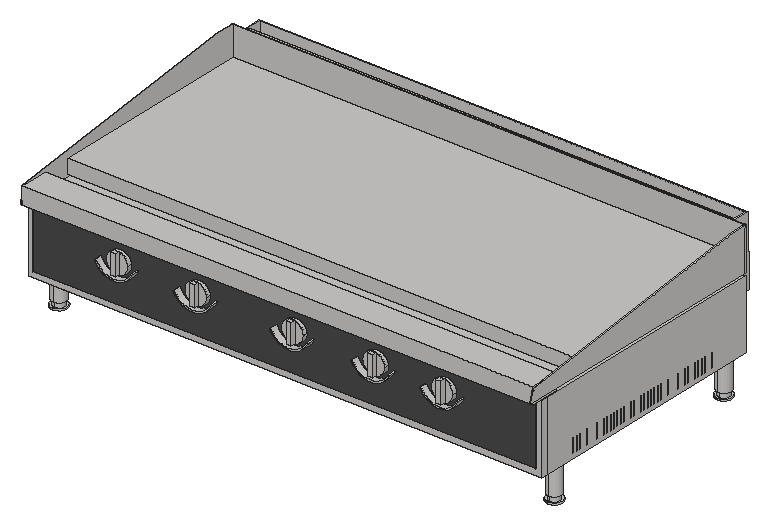
Revit family "QF_Vollrath_960GGM", category Specialty Equipment, Revit 2016
Family settings
  Part Type = Normal
  Round Connector Dimension = Use Diameter
  OmniClass Number = 23.40.40.14.17.31
  OmniClass Title = Small Specialized Cooking Equipment
  Work Plane-Based = No
  Always vertical = Yes
  Cut with Voids When Loaded = No
  Shared = No
  Room Calculation Point = No
Parameters (values of type "960GGM")
  Width = 60.00"
  Weight in Pounds = 675
  Watermarked By = "http://revitwatermark.com"
  URL Cutsheet = ""
  URL = ""
  Status [instance] = ""
  Specification by User [instance] = ""
  Specification by Manufacturer [instance] = ""
  Serial Number [instance] = ""
  Seismic Rating [instance] = ""
  Revision Code [instance] = ""
  NAFEM Spec ID Number [instance] = ""
  Model = "960GGM"
  Mechanical Remarks [instance] = ""
  Mechanical Connection Type [instance] = ""
  Masterspec [instance] = ""
  Manufacturer = "Vollrath"
  Length = 31.00"
  Item Number [instance] = "-"
  Installed By [instance] = ""
  Height AFF [instance] = 36.00"
  Gas Size = 3/4"
  Gas RI Height [instance] = 0.00"
  Gas Input = 150000.0 Btu/h
  Gas Connection Height [instance] = Height AFF + 5.375"  # 41.375"
  Furnished By [instance] = ""
  Foodservice Equipment Identifier [instance] = yes
  Description = "Heavy-Duty Flat Top Gas Griddle"
  CSI MasterFormat = "11 44 00"
  Assembly Code = "E1090320"
Reference planes (in)
  plane 1: z = 0
  plane 2 "BOTTOM": z = 36
  plane 3 "LEFT CLEARANCE": x = -30.72076
  plane 4 "RIGHT CLEARANCE": x = 41.27924
  plane 5 "BACK CLEARANCE": y = 6
  plane 6 "Top of Legs": z = 40
  plane 7 "LEFT": x = -24.72076
  plane 8 "RIGHT": x = 35.27924
  plane 9 "BACK": y = 0
  plane 10: z = 39.75
  plane 11: z = 39.5
  plane 12: z = 41.5
  plane 13: y = -0.125
  plane 14: x = -24.59576
  plane 15 "Grease Trap": z = 48.37973
  plane 16 "TOP": z = 53.37973
  plane 17: y = -54.1
  plane 18: z = 37.04079
  plane 19: y = 1.5
  plane 20: z = 45.24973
  plane 21: z = 45.42263
  plane 22: z = 50.00473
  plane 23 "FRONT": y = -33
  plane 24: y = -29.62
  plane 25: y = -26.37
  plane 26: x = 35.15424
  plane 27: x = 34.53171
  plane 28: x = -2.0635
  plane 29: x = 33.9365
  plane 30: x = 5.27924
  plane 31: x = -12.72076
  plane 32: x = -6.22076
  plane 33: z = 37.5
  plane 34: z = 40.60935
Forms (in)
  Extrusion 1, solid, material "QF_Finishes_Stainless Steel"
    sketch origin (0, -2, 36) x (0, 1, 0) y (-1, 0, 0)
      loop
        circle (-2, 23.59576) r 0.9375
    from 0 to 0.125
  Extrusion 2, solid, material "QF_Finishes_Stainless Steel"
    sketch origin (0, -2, 36) x (0, 1, 0) y (-1, 0, 0)
      loop
        circle (-2, 23.59576) r 0.625
    from 0.125 to 0.75
  Extrusion 3, solid, material "QF_Finishes_Stainless Steel"
    sketch origin (0, -2, 36) x (0, 1, 0) y (-1, 0, 0)
      loop
        circle (-2, 23.59576) r 0.8125
    from 0.75 to 4
  Extrusion 4, solid, material "QF_Finishes_Stainless Steel"
    sketch origin (33.375, -2, 36) x (0, 1, 0) y (-1, 0, 0)
      loop
        circle (-2, -0.90424) r 0.9375
    from 0 to 0.125
  Extrusion 5, solid, material "QF_Finishes_Stainless Steel"
    sketch origin (33.375, -2, 36) x (0, 1, 0) y (-1, 0, 0)
      loop
        circle (-2, -0.90424) r 0.625
    from 0.125 to 0.75
  Extrusion 6, solid, material "QF_Finishes_Stainless Steel"
    sketch origin (33.375, -2, 36) x (0, 1, 0) y (-1, 0, 0)
      loop
        circle (-2, -0.90424) r 0.8125
    from 0.75 to 4
  Extrusion 7, solid, material "QF_Finishes_Stainless Steel"
    sketch origin (33.375, -27.75, 36) x (0, 1, 0) y (-1, 0, 0)
      loop
        circle (-1, -0.90424) r 0.9375
    from 0 to 0.125
  Extrusion 8, solid, material "QF_Finishes_Stainless Steel"
    sketch origin (33.375, -27.75, 36) x (0, 1, 0) y (-1, 0, 0)
      loop
        circle (-1, -0.90424) r 0.625
    from 0.125 to 0.75
  Extrusion 9, solid, material "QF_Finishes_Stainless Steel"
    sketch origin (33.375, -27.75, 36) x (0, 1, 0) y (-1, 0, 0)
      loop
        circle (-1, -0.90424) r 0.8125
    from 0.75 to 4
  Extrusion 10, solid, material "QF_Finishes_Stainless Steel"
    sketch origin (0, -27.75, 36) x (0, 1, 0) y (-1, 0, 0)
      loop
        circle (-1, 23.59576) r 0.9375
    from 0 to 0.125
  Extrusion 11, solid, material "QF_Finishes_Stainless Steel"
    sketch origin (0, -27.75, 36) x (0, 1, 0) y (-1, 0, 0)
      loop
        circle (-1, 23.59576) r 0.625
    from 0.125 to 0.75
  Extrusion 12, solid, material "QF_Finishes_Stainless Steel"
    sketch origin (0, -27.75, 36) x (0, 1, 0) y (-1, 0, 0)
      loop
        circle (-1, 23.59576) r 0.8125
    from 0.75 to 4
  Extrusion 13, solid, material "QF_Finishes_Stainless Steel"
    sketch origin (0, -2, 36) x (0, 1, 0) y (-1, 0, 0)
      loop
        line (0, 24.72076) -> (-29.04599, 24.72076) -> (-29.04599, -35.27924) -> (0, -35.27924) -> (0, 24.72076)
    from 4 to 12.06
  Extrusion 14, solid, material "QF_Finishes_Black"
    sketch origin (0, -2, 0) x (1, 0, 0) y (0, 0, 1)
      loop
        line (-21.72076, 40) -> (-21.72076, 39.75) -> (-13.63034, 39.75) -> (-13.63034, 40) -> (-21.72076, 40)
    from 20.18353 to 29.04599
  Extrusion 15, solid, material "QF_Finishes_Clearances", detail levels coarse
    sketch origin (0, 0, 36) x (0, 1, 0) y (-1, 0, 0)
      loop
        line (6, 30.72076) -> (-33, 30.72076) -> (-33, 24.72076) -> (6, 24.72076) -> (6, 30.72076)
    from 0 to 17.37973
  Extrusion 16, solid, material "QF_Finishes_Clearances", detail levels coarse
    sketch origin (0, 0, 36) x (0, 1, 0) y (-1, 0, 0)
      loop
        line (6, -35.27924) -> (-33, -35.27924) -> (-33, -41.27924) -> (6, -41.27924) -> (6, -35.27924)
    from 0 to 17.37973
  Extrusion 17, solid, material "QF_Finishes_Clearances", detail levels coarse
    sketch origin (0, 0, 36) x (0, 1, 0) y (-1, 0, 0)
      loop
        line (6, 24.72076) -> (0, 24.72076) -> (0, -35.27924) -> (6, -35.27924) -> (6, 24.72076)
    from 0 to 17.37973
  Extrusion 18, solid, material "QF_Finishes_Stainless Steel"
    sketch origin (-2.68897, -2, 0) x (1, 0, 0) y (0, 0, 1)
      loop
        circle (14.46821, 41.5) r 0.375
    from -1.5 to 0
  Extrusion 19, solid, material "QF_Finishes_Stainless Steel"
    sketch origin (-36.59576, -2, 0) x (0, 1, 0) y (0, 0, 1)
      loop
        line (-30.61071, 49.92375) -> (-31.00644, 48.06) -> (0, 48.06) -> (0, 53.37973) -> (-2.02013, 53.37973) -> (-30.61071, 49.92375)
    from 11.875 to 12
  Extrusion 20, solid, material "QF_Finishes_Stainless Steel"
    sketch origin (-24.72076, -2, 0) x (0, 1, 0) y (0, 0, 1)
      loop
        line (-27.62, 48.06) -> (-27.62, 50.00473) -> (-31, 50.00473) -> (-31, 48.06) -> (-27.62, 48.06)
    from 0.125 to 59.875
  Extrusion 21, solid, material "QF_Finishes_Stainless Steel"
    sketch origin (0, -2, 10) x (1, 0, 0) y (0, 0, 1)
      loop
        line (-24.72076, 38.06) -> (-24.72076, 30) -> (35.27924, 30) -> (35.27924, 38.06) -> (-24.72076, 38.06)
      loop
        line (-24.21829, 37.5) -> (-24.21829, 30.59949) -> (34.53171, 30.59949) -> (34.53171, 37.5) -> (-24.21829, 37.5)
    from 29.04599 to 29.79599
  Extrusion 22, solid, material "QF_Finishes_Stainless Steel"
    sketch origin (-12.72076, -2, 0) x (0, 1, 0) y (0, 0, 1)
      loop
        line (-31.04007, 49.8484) -> (-31.41648, 48.37973) -> (0, 48.37973) -> (0, 53.37973) -> (-1.85356, 53.37973) -> (-31.04007, 49.8484)
    from 47.875 to 48
  Extrusion 23, solid, material "QF_Finishes_Stainless Steel"
    sketch origin (-24.72076, -2, 0) x (0, 1, 0) y (0, 0, 1)
      loop
        line (-0.125, 53.37973) -> (-0.125, 48.37973) -> (0, 48.37973) -> (0, 53.37973) -> (-0.125, 53.37973)
    from 0 to 60
  Extrusion 24, solid, material "QF_Finishes_Black"
    sketch origin (0, -2, 0) x (1, 0, 0) y (0, 0, 1)
      loop
        line (-24.21829, 47.5) -> (-24.21829, 40.59949) -> (34.53171, 40.59949) -> (34.53171, 47.5) -> (-24.21829, 47.5)
      loop
        circle (-4.79502, 45.36228) r 1.25
      loop
        circle (23.95498, 45.36228) r 1.25
      loop
        circle (15.96164, 45.36228) r 1.25
      loop
        circle (-14.04502, 45.36228) r 1.25
      loop
        circle (6.46164, 45.36228) r 1.25
    from 29.04599 to 29.79599
  Extrusion 25, void
    sketch origin (-24.72076, -2, 0) x (0, 1, 0) y (0, 0, 1)
      loop
        line (-25.39258, 42.24738) -> (-25.39258, 40.49738) -> (-25.14258, 40.49738) -> (-25.14258, 42.24738) -> (-25.39258, 42.24738)
      loop
        line (-24.89258, 42.24738) -> (-24.89258, 40.49738) -> (-24.64258, 40.49738) -> (-24.64258, 42.24738) -> (-24.89258, 42.24738)
      loop
        line (-24.39258, 42.24738) -> (-24.39258, 40.49738) -> (-24.14258, 40.49738) -> (-24.14258, 42.24738) -> (-24.39258, 42.24738)
      loop
        line (-23.89258, 42.24738) -> (-23.89258, 40.49738) -> (-23.64258, 40.49738) -> (-23.64258, 42.24738) -> (-23.89258, 42.24738)
      loop
        line (-23.39258, 42.24738) -> (-23.39258, 40.49738) -> (-23.14258, 40.49738) -> (-23.14258, 42.24738) -> (-23.39258, 42.24738)
      loop
        line (-22.89258, 42.24738) -> (-22.89258, 40.49738) -> (-22.64258, 40.49738) -> (-22.64258, 42.24738) -> (-22.89258, 42.24738)
      loop
        line (-22.43353, 42.24738) -> (-22.43353, 40.49738) -> (-22.18353, 40.49738) -> (-22.18353, 42.24738) -> (-22.43353, 42.24738)
      loop
        line (-21.93353, 42.24738) -> (-21.93353, 40.49738) -> (-21.68353, 40.49738) -> (-21.68353, 42.24738) -> (-21.93353, 42.24738)
      loop
        line (-21.43353, 42.24738) -> (-21.43353, 40.49738) -> (-21.18353, 40.49738) -> (-21.18353, 42.24738) -> (-21.43353, 42.24738)
      loop
        line (-20.93353, 42.24738) -> (-20.93353, 40.49738) -> (-20.68353, 40.49738) -> (-20.68353, 42.24738) -> (-20.93353, 42.24738)
      loop
        line (-20.43353, 42.24738) -> (-20.43353, 40.49738) -> (-20.18353, 40.49738) -> (-20.18353, 42.24738) -> (-20.43353, 42.24738)
      loop
        line (-19.93353, 42.24738) -> (-19.93353, 40.49738) -> (-19.68353, 40.49738) -> (-19.68353, 42.24738) -> (-19.93353, 42.24738)
      loop
        line (-19.47447, 42.24738) -> (-19.47447, 40.49738) -> (-19.22447, 40.49738) -> (-19.22447, 42.24738) -> (-19.47447, 42.24738)
      loop
        line (-18.97447, 42.24738) -> (-18.97447, 40.49738) -> (-18.72447, 40.49738) -> (-18.72447, 42.24738) -> (-18.97447, 42.24738)
      loop
        line (-18.47447, 42.24738) -> (-18.47447, 40.49738) -> (-18.22447, 40.49738) -> (-18.22447, 42.24738) -> (-18.47447, 42.24738)
      loop
        line (-17.97447, 42.24738) -> (-17.97447, 40.49738) -> (-17.72447, 40.49738) -> (-17.72447, 42.24738) -> (-17.97447, 42.24738)
      loop
        line (-17.47447, 42.24738) -> (-17.47447, 40.49738) -> (-17.22447, 40.49738) -> (-17.22447, 42.24738) -> (-17.47447, 42.24738)
      loop
        line (-16.97447, 42.24738) -> (-16.97447, 40.49738) -> (-16.72447, 40.49738) -> (-16.72447, 42.24738) -> (-16.97447, 42.24738)
      loop
        line (-16.51542, 42.24738) -> (-16.51542, 40.49738) -> (-16.26542, 40.49738) -> (-16.26542, 42.24738) -> (-16.51542, 42.24738)
      loop
        line (-16.01542, 42.24738) -> (-16.01542, 40.49738) -> (-15.76542, 40.49738) -> (-15.76542, 42.24738) -> (-16.01542, 42.24738)
      loop
        line (-15.51542, 42.24738) -> (-15.51542, 40.49738) -> (-15.26542, 40.49738) -> (-15.26542, 42.24738) -> (-15.51542, 42.24738)
      loop
        line (-15.01542, 42.24738) -> (-15.01542, 40.49738) -> (-14.76542, 40.49738) -> (-14.76542, 42.24738) -> (-15.01542, 42.24738)
      loop
        line (-14.51542, 42.24738) -> (-14.51542, 40.49738) -> (-14.26542, 40.49738) -> (-14.26542, 42.24738) -> (-14.51542, 42.24738)
      loop
        line (-14.01542, 42.24738) -> (-14.01542, 40.49738) -> (-13.76542, 40.49738) -> (-13.76542, 42.24738) -> (-14.01542, 42.24738)
      loop
        line (-13.55636, 42.24738) -> (-13.55636, 40.49738) -> (-13.30636, 40.49738) -> (-13.30636, 42.24738) -> (-13.55636, 42.24738)
      loop
        line (-13.05636, 42.24738) -> (-13.05636, 40.49738) -> (-12.80636, 40.49738) -> (-12.80636, 42.24738) -> (-13.05636, 42.24738)
      loop
        line (-12.55636, 42.24738) -> (-12.55636, 40.49738) -> (-12.30636, 40.49738) -> (-12.30636, 42.24738) -> (-12.55636, 42.24738)
      loop
        line (-12.05636, 42.24738) -> (-12.05636, 40.49738) -> (-11.80636, 40.49738) -> (-11.80636, 42.24738) -> (-12.05636, 42.24738)
      loop
        line (-11.55636, 42.24738) -> (-11.55636, 40.49738) -> (-11.30636, 40.49738) -> (-11.30636, 42.24738) -> (-11.55636, 42.24738)
      loop
        line (-11.05636, 42.24738) -> (-11.05636, 40.49738) -> (-10.80636, 40.49738) -> (-10.80636, 42.24738) -> (-11.05636, 42.24738)
      loop
        line (-10.59731, 42.24738) -> (-10.59731, 40.49738) -> (-10.34731, 40.49738) -> (-10.34731, 42.24738) -> (-10.59731, 42.24738)
      loop
        line (-10.09731, 42.24738) -> (-10.09731, 40.49738) -> (-9.84731, 40.49738) -> (-9.84731, 42.24738) -> (-10.09731, 42.24738)
      loop
        line (-9.59731, 42.24738) -> (-9.59731, 40.49738) -> (-9.34731, 40.49738) -> (-9.34731, 42.24738) -> (-9.59731, 42.24738)
      loop
        line (-9.09731, 42.24738) -> (-9.09731, 40.49738) -> (-8.84731, 40.49738) -> (-8.84731, 42.24738) -> (-9.09731, 42.24738)
      loop
        line (-8.63825, 42.24738) -> (-8.63825, 40.49738) -> (-8.38825, 40.49738) -> (-8.38825, 42.24738) -> (-8.63825, 42.24738)
      loop
        line (-8.13825, 42.24738) -> (-8.13825, 40.49738) -> (-7.88825, 40.49738) -> (-7.88825, 42.24738) -> (-8.13825, 42.24738)
      loop
        line (-7.63825, 42.24738) -> (-7.63825, 40.49738) -> (-7.38825, 40.49738) -> (-7.38825, 42.24738) -> (-7.63825, 42.24738)
      loop
        line (-7.13825, 42.24738) -> (-7.13825, 40.49738) -> (-6.88825, 40.49738) -> (-6.88825, 42.24738) -> (-7.13825, 42.24738)
      loop
        line (-6.63825, 42.24738) -> (-6.63825, 40.49738) -> (-6.38825, 40.49738) -> (-6.38825, 42.24738) -> (-6.63825, 42.24738)
      loop
        line (-6.13825, 42.24738) -> (-6.13825, 40.49738) -> (-5.88825, 40.49738) -> (-5.88825, 42.24738) -> (-6.13825, 42.24738)
      loop
        line (-5.63825, 42.24738) -> (-5.63825, 40.49738) -> (-5.38825, 40.49738) -> (-5.38825, 42.24738) -> (-5.63825, 42.24738)
      loop
        line (-5.13825, 42.24738) -> (-5.13825, 40.49738) -> (-4.88825, 40.49738) -> (-4.88825, 42.24738) -> (-5.13825, 42.24738)
      loop
        line (-4.63825, 42.24738) -> (-4.63825, 40.49738) -> (-4.38825, 40.49738) -> (-4.38825, 42.24738) -> (-4.63825, 42.24738)
    from 59.25247 to 60
  Extrusion 26, void
    sketch origin (-48.47076, -2, 0) x (0, 1, 0) y (0, 0, 1)
      loop
        line (-25.39258, 42.24738) -> (-25.39258, 40.49738) -> (-25.14258, 40.49738) -> (-25.14258, 42.24738) -> (-25.39258, 42.24738)
      loop
        line (-24.89258, 42.24738) -> (-24.89258, 40.49738) -> (-24.64258, 40.49738) -> (-24.64258, 42.24738) -> (-24.89258, 42.24738)
      loop
        line (-24.39258, 42.24738) -> (-24.39258, 40.49738) -> (-24.14258, 40.49738) -> (-24.14258, 42.24738) -> (-24.39258, 42.24738)
      loop
        line (-23.89258, 42.24738) -> (-23.89258, 40.49738) -> (-23.64258, 40.49738) -> (-23.64258, 42.24738) -> (-23.89258, 42.24738)
      loop
        line (-23.39258, 42.24738) -> (-23.39258, 40.49738) -> (-23.14258, 40.49738) -> (-23.14258, 42.24738) -> (-23.39258, 42.24738)
      loop
        line (-22.89258, 42.24738) -> (-22.89258, 40.49738) -> (-22.64258, 40.49738) -> (-22.64258, 42.24738) -> (-22.89258, 42.24738)
      loop
        line (-22.43353, 42.24738) -> (-22.43353, 40.49738) -> (-22.18353, 40.49738) -> (-22.18353, 42.24738) -> (-22.43353, 42.24738)
      loop
        line (-21.93353, 42.24738) -> (-21.93353, 40.49738) -> (-21.68353, 40.49738) -> (-21.68353, 42.24738) -> (-21.93353, 42.24738)
      loop
        line (-21.43353, 42.24738) -> (-21.43353, 40.49738) -> (-21.18353, 40.49738) -> (-21.18353, 42.24738) -> (-21.43353, 42.24738)
      loop
        line (-20.93353, 42.24738) -> (-20.93353, 40.49738) -> (-20.68353, 40.49738) -> (-20.68353, 42.24738) -> (-20.93353, 42.24738)
      loop
        line (-20.43353, 42.24738) -> (-20.43353, 40.49738) -> (-20.18353, 40.49738) -> (-20.18353, 42.24738) -> (-20.43353, 42.24738)
      loop
        line (-19.93353, 42.24738) -> (-19.93353, 40.49738) -> (-19.68353, 40.49738) -> (-19.68353, 42.24738) -> (-19.93353, 42.24738)
      loop
        line (-19.47447, 42.24738) -> (-19.47447, 40.49738) -> (-19.22447, 40.49738) -> (-19.22447, 42.24738) -> (-19.47447, 42.24738)
      loop
        line (-18.97447, 42.24738) -> (-18.97447, 40.49738) -> (-18.72447, 40.49738) -> (-18.72447, 42.24738) -> (-18.97447, 42.24738)
      loop
        line (-18.47447, 42.24738) -> (-18.47447, 40.49738) -> (-18.22447, 40.49738) -> (-18.22447, 42.24738) -> (-18.47447, 42.24738)
      loop
        line (-17.97447, 42.24738) -> (-17.97447, 40.49738) -> (-17.72447, 40.49738) -> (-17.72447, 42.24738) -> (-17.97447, 42.24738)
      loop
        line (-17.47447, 42.24738) -> (-17.47447, 40.49738) -> (-17.22447, 40.49738) -> (-17.22447, 42.24738) -> (-17.47447, 42.24738)
      loop
        line (-16.97447, 42.24738) -> (-16.97447, 40.49738) -> (-16.72447, 40.49738) -> (-16.72447, 42.24738) -> (-16.97447, 42.24738)
      loop
        line (-16.51542, 42.24738) -> (-16.51542, 40.49738) -> (-16.26542, 40.49738) -> (-16.26542, 42.24738) -> (-16.51542, 42.24738)
      loop
        line (-16.01542, 42.24738) -> (-16.01542, 40.49738) -> (-15.76542, 40.49738) -> (-15.76542, 42.24738) -> (-16.01542, 42.24738)
      loop
        line (-15.51542, 42.24738) -> (-15.51542, 40.49738) -> (-15.26542, 40.49738) -> (-15.26542, 42.24738) -> (-15.51542, 42.24738)
      loop
        line (-15.01542, 42.24738) -> (-15.01542, 40.49738) -> (-14.76542, 40.49738) -> (-14.76542, 42.24738) -> (-15.01542, 42.24738)
      loop
        line (-14.51542, 42.24738) -> (-14.51542, 40.49738) -> (-14.26542, 40.49738) -> (-14.26542, 42.24738) -> (-14.51542, 42.24738)
      loop
        line (-14.01542, 42.24738) -> (-14.01542, 40.49738) -> (-13.76542, 40.49738) -> (-13.76542, 42.24738) -> (-14.01542, 42.24738)
      loop
        line (-13.55636, 42.24738) -> (-13.55636, 40.49738) -> (-13.30636, 40.49738) -> (-13.30636, 42.24738) -> (-13.55636, 42.24738)
      loop
        line (-13.05636, 42.24738) -> (-13.05636, 40.49738) -> (-12.80636, 40.49738) -> (-12.80636, 42.24738) -> (-13.05636, 42.24738)
      loop
        line (-12.55636, 42.24738) -> (-12.55636, 40.49738) -> (-12.30636, 40.49738) -> (-12.30636, 42.24738) -> (-12.55636, 42.24738)
      loop
        line (-12.05636, 42.24738) -> (-12.05636, 40.49738) -> (-11.80636, 40.49738) -> (-11.80636, 42.24738) -> (-12.05636, 42.24738)
      loop
        line (-11.55636, 42.24738) -> (-11.55636, 40.49738) -> (-11.30636, 40.49738) -> (-11.30636, 42.24738) -> (-11.55636, 42.24738)
      loop
        line (-11.05636, 42.24738) -> (-11.05636, 40.49738) -> (-10.80636, 40.49738) -> (-10.80636, 42.24738) -> (-11.05636, 42.24738)
      loop
        line (-10.59731, 42.24738) -> (-10.59731, 40.49738) -> (-10.34731, 40.49738) -> (-10.34731, 42.24738) -> (-10.59731, 42.24738)
      loop
        line (-10.13825, 42.24738) -> (-10.13825, 40.49738) -> (-9.88825, 40.49738) -> (-9.88825, 42.24738) -> (-10.13825, 42.24738)
      loop
        line (-9.63825, 42.24738) -> (-9.63825, 40.49738) -> (-9.38825, 40.49738) -> (-9.38825, 42.24738) -> (-9.63825, 42.24738)
      loop
        line (-9.13825, 42.24738) -> (-9.13825, 40.49738) -> (-8.88825, 40.49738) -> (-8.88825, 42.24738) -> (-9.13825, 42.24738)
      loop
        line (-8.63825, 42.24738) -> (-8.63825, 40.49738) -> (-8.38825, 40.49738) -> (-8.38825, 42.24738) -> (-8.63825, 42.24738)
      loop
        line (-8.13825, 42.24738) -> (-8.13825, 40.49738) -> (-7.88825, 40.49738) -> (-7.88825, 42.24738) -> (-8.13825, 42.24738)
      loop
        line (-7.63825, 42.24738) -> (-7.63825, 40.49738) -> (-7.38825, 40.49738) -> (-7.38825, 42.24738) -> (-7.63825, 42.24738)
      loop
        line (-7.1792, 42.24738) -> (-7.1792, 40.49738) -> (-6.9292, 40.49738) -> (-6.9292, 42.24738) -> (-7.1792, 42.24738)
      loop
        line (-6.6792, 42.24738) -> (-6.6792, 40.49738) -> (-6.4292, 40.49738) -> (-6.4292, 42.24738) -> (-6.6792, 42.24738)
      loop
        line (-6.1792, 42.24738) -> (-6.1792, 40.49738) -> (-5.9292, 40.49738) -> (-5.9292, 42.24738) -> (-6.1792, 42.24738)
      loop
        line (-5.6792, 42.24738) -> (-5.6792, 40.49738) -> (-5.4292, 40.49738) -> (-5.4292, 42.24738) -> (-5.6792, 42.24738)
      loop
        line (-5.1792, 42.24738) -> (-5.1792, 40.49738) -> (-4.9292, 40.49738) -> (-4.9292, 42.24738) -> (-5.1792, 42.24738)
      loop
        line (-4.6792, 42.24738) -> (-4.6792, 40.49738) -> (-4.4292, 40.49738) -> (-4.4292, 42.24738) -> (-4.6792, 42.24738)
    from 23.67052 to 24
  Extrusion 27, solid, material "QF_Finishes_Stainless Steel"
    sketch origin (17, -6, 0) x (1, 0, 0) y (0, 0, 1)
      loop
        circle (-21.79502, 45.36228) r 1.25
    from 25.04599 to 26.25
  Extrusion 28, solid, material "QF_Finishes_Stainless Steel"
    sketch origin (17, -6, 0.03961) x (1, 0, 0) y (0, 0, 1)
      loop
        line (-22.10719, 46.57267) -> (-22.10719, 44.14715) -> (-21.55452, 44.14715) -> (-21.55452, 46.57267) -> (-22.10719, 46.57267)
    from 26.25 to 26.75
  Extrusion 29, solid, material "QF_Finishes_Stainless Steel"
    sketch origin (28.29249, -6, 0) x (1, 0, 0) y (0, 0, 1)
      loop
        circle (-21.79502, 45.36228) r 1.25
    from 25.04599 to 26.25
  Extrusion 30, solid, material "QF_Finishes_Stainless Steel"
    sketch origin (28.29249, -6, 0.03961) x (1, 0, 0) y (0, 0, 1)
      loop
        line (-22.10719, 46.57267) -> (-22.10719, 44.14715) -> (-21.55452, 44.14715) -> (-21.55452, 46.57267) -> (-22.10719, 46.57267)
    from 26.25 to 26.75
  Extrusion 31, solid, material "QF_Finishes_Stainless Steel", not visible
    sketch origin (0, 0, 0.25) x (1, 0, 0) y (0, 0, 1)
      loop
        circle (-24.02485, 46.05421) r 0.25
    from 0.125 to 25.04599
  Extrusion 32, solid, material "QF_Finishes_Stainless Steel", not visible
    sketch origin (0.8089, 0, 0.25) x (1, 0, 0) y (0, 0, 1)
      loop
        circle (-24.02485, 46.05421) r 0.25
    from 0.125 to 25.04599
  Extrusion 33, solid, material "QF_Finishes_Stainless Steel", not visible
    sketch origin (1.62977, 0, 0.25) x (1, 0, 0) y (0, 0, 1)
      loop
        circle (-24.02485, 46.05421) r 0.25
    from 0.24473 to 25.25
  Extrusion 34, solid, material "QF_Finishes_Stainless Steel", not visible
    sketch origin (2.43868, 0, 0.25) x (1, 0, 0) y (0, 0, 1)
      loop
        circle (-24.02485, 46.05421) r 0.25
    from 0.24473 to 25.04599
  Extrusion 35, solid, material "QF_Finishes_Stainless Steel", not visible
    sketch origin (3.25954, 0, 0.25) x (1, 0, 0) y (0, 0, 1)
      loop
        circle (-24.02485, 46.05421) r 0.25
    from 0.24473 to 25.04599
  Extrusion 36, solid, material "QF_Finishes_Stainless Steel", not visible
    sketch origin (4.06845, 0, 0.25) x (1, 0, 0) y (0, 0, 1)
      loop
        circle (-24.02485, 46.05421) r 0.25
    from 0.125 to 25.75
  Extrusion 37, solid, material "QF_Finishes_Stainless Steel", not visible
    sketch origin (4.88932, 0, 0.25) x (1, 0, 0) y (0, 0, 1)
      loop
        circle (-24.02485, 46.05421) r 0.25
    from 0.125 to 25.04599
  Extrusion 38, solid, material "QF_Finishes_Stainless Steel", not visible
    sketch origin (5.69822, 0, 0.25) x (1, 0, 0) y (0, 0, 1)
      loop
        circle (-24.02485, 46.05421) r 0.25
    from 0.125 to 25.75
  Extrusion 39, solid, material "QF_Finishes_Stainless Steel", not visible
    sketch origin (6.51909, 0, 0.25) x (1, 0, 0) y (0, 0, 1)
      loop
        circle (-24.02485, 46.05421) r 0.25
    from 0.125 to 25.04599
  Extrusion 40, solid, material "QF_Finishes_Stainless Steel", not visible
    sketch origin (7.32799, 0, 0.25) x (1, 0, 0) y (0, 0, 1)
      loop
        circle (-24.02485, 46.05421) r 0.25
    from 0 to 25.04599
  Extrusion 41, solid, material "QF_Finishes_Stainless Steel", not visible
    sketch origin (8.14886, 0, 0.25) x (1, 0, 0) y (0, 0, 1)
      loop
        circle (-24.02485, 46.05421) r 0.25
    from 0 to 25.04599
  Extrusion 42, solid, material "QF_Finishes_Stainless Steel", not visible
    sketch origin (8.95777, 0, 0.25) x (1, 0, 0) y (0, 0, 1)
      loop
        circle (-24.02485, 46.05421) r 0.25
    from 0 to 25.04599
  Extrusion 43, solid, material "QF_Finishes_Stainless Steel", not visible
    sketch origin (9.76477, 0, 0.25) x (1, 0, 0) y (0, 0, 1)
      loop
        circle (-24.02485, 46.05421) r 0.25
    from 0 to 25.04599
  Extrusion 44, solid, material "QF_Finishes_Stainless Steel", not visible
    sketch origin (10.57367, 0, 0.25) x (1, 0, 0) y (0, 0, 1)
      loop
        circle (-24.02485, 46.05421) r 0.25
    from 0 to 25.04599
  Extrusion 45, solid, material "QF_Finishes_Stainless Steel", not visible
    sketch origin (11.39454, 0, 0.25) x (1, 0, 0) y (0, 0, 1)
      loop
        circle (-24.02485, 46.05421) r 0.25
    from 0 to 25.04599
  Extrusion 46, solid, material "QF_Finishes_Stainless Steel", not visible
    sketch origin (12.26638, 0, 0.25) x (1, 0, 0) y (0, 0, 1)
      loop
        circle (-24.02485, 46.05421) r 0.25
    from 0 to 25.04599
  Extrusion 47, solid, material "QF_Finishes_Stainless Steel", not visible
    sketch origin (13.08724, 0, 0.25) x (1, 0, 0) y (0, 0, 1)
      loop
        circle (-24.02485, 46.05421) r 0.25
    from 0 to 25.04599
  Extrusion 48, solid, material "QF_Finishes_Stainless Steel", not visible
    sketch origin (13.89615, 0, 0.25) x (1, 0, 0) y (0, 0, 1)
      loop
        circle (-24.02485, 46.05421) r 0.25
    from 0 to 25.04599
  Extrusion 49, solid, material "QF_Finishes_Stainless Steel", not visible
    sketch origin (15.40006, 0, 0.25) x (1, 0, 0) y (0, 0, 1)
      loop
        circle (-30.52485, 46.05421) r 0.25
    from 0 to 25.04599
  Extrusion 50, solid, material "QF_Finishes_Stainless Steel", not visible
    sketch origin (16.22092, 0, 0.25) x (1, 0, 0) y (0, 0, 1)
      loop
        circle (-30.52485, 46.05421) r 0.25
    from 0 to 25.25
  Extrusion 51, solid, material "QF_Finishes_Stainless Steel", not visible
    sketch origin (17.09276, 0, 0.25) x (1, 0, 0) y (0, 0, 1)
      loop
        circle (-30.52485, 46.05421) r 0.25
    from 0 to 25.04599
  Extrusion 52, solid, material "QF_Finishes_Stainless Steel", not visible
    sketch origin (17.91363, 0, 0.25) x (1, 0, 0) y (0, 0, 1)
      loop
        circle (-30.52485, 46.05421) r 0.25
    from 0 to 25.04599
  Extrusion 53, solid, material "QF_Finishes_Stainless Steel", not visible
    sketch origin (18.72253, 0, 0.25) x (1, 0, 0) y (0, 0, 1)
      loop
        circle (-30.52485, 46.05421) r 0.25
    from 0 to 25.04599
  Extrusion 54, solid, material "QF_Finishes_Stainless Steel", not visible
    sketch origin (19.5434, 0, 0.25) x (1, 0, 0) y (0, 0, 1)
      loop
        circle (-30.52485, 46.05421) r 0.25
    from 0 to 25.04599
  Extrusion 55, solid, material "QF_Finishes_Stainless Steel", not visible
    sketch origin (20.3523, 0, 0.25) x (1, 0, 0) y (0, 0, 1)
      loop
        circle (-30.52485, 46.05421) r 0.25
    from 0 to 25.04599
  Extrusion 56, solid, material "QF_Finishes_Stainless Steel", not visible
    sketch origin (21.17317, 0, 0.25) x (1, 0, 0) y (0, 0, 1)
      loop
        circle (-30.52485, 46.05421) r 0.25
    from 0 to 25.04599
  Extrusion 57, solid, material "QF_Finishes_Stainless Steel", not visible
    sketch origin (21.98208, 0, 0.25) x (1, 0, 0) y (0, 0, 1)
      loop
        circle (-30.52485, 46.05421) r 0.25
    from 0 to 25.04599
  Extrusion 58, solid, material "QF_Finishes_Stainless Steel", not visible
    sketch origin (22.80294, 0, 0.25) x (1, 0, 0) y (0, 0, 1)
      loop
        circle (-30.52485, 46.05421) r 0.25
    from 0 to 25.25
  Extrusion 59, solid, material "QF_Finishes_Stainless Steel", not visible
    sketch origin (23.61185, 0, 0.25) x (1, 0, 0) y (0, 0, 1)
      loop
        circle (-30.52485, 46.05421) r 0.25
    from 0 to 25.04599
  Extrusion 60, solid, material "QF_Finishes_Stainless Steel", not visible
    sketch origin (24.43272, 0, 0.25) x (1, 0, 0) y (0, 0, 1)
      loop
        circle (-30.52485, 46.05421) r 0.25
    from 0 to 25.04599
  Extrusion 61, solid, material "QF_Finishes_Stainless Steel", not visible
    sketch origin (25.24162, 0, 0.25) x (1, 0, 0) y (0, 0, 1)
      loop
        circle (-30.52485, 46.05421) r 0.25
    from 0 to 25.75
  Extrusion 62, solid, material "QF_Finishes_Stainless Steel", not visible
    sketch origin (26.06249, 0, 0.25) x (1, 0, 0) y (0, 0, 1)
      loop
        circle (-30.52485, 46.05421) r 0.25
    from 0 to 25.04599
  Extrusion 63, solid, material "QF_Finishes_Stainless Steel", not visible
    sketch origin (32.58158, 0, 0.25) x (1, 0, 0) y (0, 0, 1)
      loop
        circle (-36.02485, 46.05421) r 0.25
    from 0 to 25.04599
  Extrusion 64, solid, material "QF_Finishes_Stainless Steel", not visible
    sketch origin (33.40244, 0, 0.25) x (1, 0, 0) y (0, 0, 1)
      loop
        circle (-36.02485, 46.05421) r 0.25
    from 0 to 25.04599
  Extrusion 65, solid, material "QF_Finishes_Stainless Steel", not visible
    sketch origin (34.21135, 0, 0.25) x (1, 0, 0) y (0, 0, 1)
      loop
        circle (-36.02485, 46.05421) r 0.25
    from 0 to 25.75
  Sweep 66, solid, material "QF_Finishes_Stainless Steel"
    path origin (15.25, -32.63083, 0) x (1, 0, 0) y (0, 0, 1)
      loop
        arc (-22.40972, 45.02818) -> (-20.15972, 43.59334) -> (-17.90972, 45.02818) r 2.48155
    profile origin (-4.90972, -32.63083, 43.59334) x (0, 0, 1) y (0, -1, 0)
      loop
        line (0, 0) -> (0, -0.83484) -> (0.14592, -0.83484) -> (0.14592, 0) -> (0, 0)
  Sweep 67, solid, material "QF_Finishes_Stainless Steel"
    path origin (26.54249, -32.63083, 0) x (1, 0, 0) y (0, 0, 1)
      loop
        arc (-22.40972, 45.02818) -> (-20.15972, 43.59334) -> (-17.90972, 45.02818) r 2.48155
    profile origin (6.38277, -32.63083, 43.59334) x (0, 0, 1) y (0, -1, 0)
      loop
        line (0, 0) -> (0, -0.83484) -> (0.14592, -0.83484) -> (0.14592, 0) -> (0, 0)
  Extrusion 68, solid, material "QF_Finishes_Stainless Steel"
    sketch origin (0, 0, 36) x (0, 1, 0) y (-1, 0, 0)
      loop
        line (0, 23.22076) -> (-2, 23.22076) -> (-2, -33.9365) -> (0, -33.9365) -> (0, 23.22076)
      loop
        line (-0.125, 23.09841) -> (-1.85689, 23.09841) -> (-1.85689, -33.77924) -> (-0.125, -33.77924) -> (-0.125, 23.09841)
    from 9.42263 to 17.37973
  Extrusion 69, solid, material "QF_Finishes_Stainless Steel"
    sketch origin (0, 0, 36) x (0, 1, 0) y (-1, 0, 0)
      loop
        line (0, 23.22076) -> (-2, 23.22076) -> (-2, -33.9365) -> (0, -33.9365) -> (0, 23.22076)
    from 9.24973 to 9.42263
  Extrusion 70, solid, material "QF_Finishes_Stainless Steel"
    sketch origin (-24.72076, 0, 0) x (0, 1, 0) y (0, 0, 1)
      loop
        line (-26.37, 50.00473) -> (-26.37, 48.37973) -> (-2.125, 48.37973) -> (-2.125, 50.00473) -> (-26.37, 50.00473)
    from 0.125 to 59.875
  Extrusion 71, solid, material "QF_Finishes_Stainless Steel", not visible
    sketch origin (0.5, -6, 0) x (1, 0, 0) y (0, 0, 1)
      loop
        circle (-21.79502, 45.36228) r 1.25
    from 25.04599 to 26.25
  Extrusion 72, solid, material "QF_Finishes_Stainless Steel", not visible
    sketch origin (0.5, -6, 0.03961) x (1, 0, 0) y (0, 0, 1)
      loop
        line (-22.10719, 46.57267) -> (-22.10719, 44.14715) -> (-21.55452, 44.14715) -> (-21.55452, 46.57267) -> (-22.10719, 46.57267)
    from 26.25 to 26.75
  Extrusion 73, solid, material "QF_Finishes_Stainless Steel", not visible
    sketch origin (16.5, -6, 0) x (1, 0, 0) y (0, 0, 1)
      loop
        circle (-21.79502, 45.36228) r 1.25
    from 25.04599 to 26.25
  Extrusion 74, solid, material "QF_Finishes_Stainless Steel", not visible
    sketch origin (16.5, -6, 0.03961) x (1, 0, 0) y (0, 0, 1)
      loop
        line (-22.10719, 46.57267) -> (-22.10719, 44.14715) -> (-21.55452, 44.14715) -> (-21.55452, 46.57267) -> (-22.10719, 46.57267)
    from 26.25 to 26.75
  Sweep 75, solid, material "QF_Finishes_Stainless Steel", not visible
    path origin (-1.25, -32.63083, 0) x (1, 0, 0) y (0, 0, 1)
      loop
        arc (-22.40972, 45.02818) -> (-20.15972, 43.59334) -> (-17.90972, 45.02818) r 2.48155
    profile origin (-21.40972, -32.63083, 43.59334) x (0, 0, 1) y (0, -1, 0)
      loop
        line (0, 0) -> (0, -0.83484) -> (0.14592, -0.83484) -> (0.14592, 0) -> (0, 0)
  Sweep 76, solid, material "QF_Finishes_Stainless Steel", not visible
    path origin (14.75, -32.63083, 0) x (1, 0, 0) y (0, 0, 1)
      loop
        arc (-22.40972, 45.02818) -> (-20.15972, 43.59334) -> (-17.90972, 45.02818) r 2.48155
    profile origin (-5.40972, -32.63083, 43.59334) x (0, 0, 1) y (0, -1, 0)
      loop
        line (0, 0) -> (0, -0.83484) -> (0.14592, -0.83484) -> (0.14592, 0) -> (0, 0)
  Extrusion 77, solid, material "QF_Finishes_Black"
    sketch origin (-24.72076, 0, 0) x (0, 1, 0) y (0, 0, 1)
      loop
        line (-22.18353, 39.75) -> (-31.06225, 39.75) -> (-31.06225, 39.5) -> (-22.18353, 39.5) -> (-22.18353, 39.75)
    from 3 to 11.09041
  Extrusion 78, solid, material "QF_Finishes_Stainless Steel"
    sketch origin (7.78584, -6, 0) x (1, 0, 0) y (0, 0, 1)
      loop
        circle (-21.79502, 45.36228) r 1.25
    from 25.04599 to 26.25
  Extrusion 79, solid, material "QF_Finishes_Stainless Steel"
    sketch origin (7.78584, -6, 0.03961) x (1, 0, 0) y (0, 0, 1)
      loop
        line (-22.10719, 46.57267) -> (-22.10719, 44.14715) -> (-21.55452, 44.14715) -> (-21.55452, 46.57267) -> (-22.10719, 46.57267)
    from 26.25 to 26.75
  Sweep 80, solid, material "QF_Finishes_Stainless Steel"
    path origin (6.03584, -32.63083, 0) x (1, 0, 0) y (0, 0, 1)
      loop
        arc (-22.40972, 45.02818) -> (-20.15972, 43.59334) -> (-17.90972, 45.02818) r 2.48155
    profile origin (-14.12389, -32.63083, 43.59334) x (0, 0, 1) y (0, -1, 0)
      loop
        line (0, 0) -> (0, -0.83484) -> (0.14592, -0.83484) -> (0.14592, 0) -> (0, 0)
  Extrusion 81, solid, material "QF_Finishes_Stainless Steel", not visible
    sketch origin (21.04249, -6, 0) x (1, 0, 0) y (0, 0, 1)
      loop
        circle (-21.79502, 45.36228) r 1.25
    from 25.04599 to 26.25
  Extrusion 82, solid, material "QF_Finishes_Stainless Steel", not visible
    sketch origin (21.04249, -6, 0.03961) x (1, 0, 0) y (0, 0, 1)
      loop
        line (-22.10719, 46.57267) -> (-22.10719, 44.14715) -> (-21.55452, 44.14715) -> (-21.55452, 46.57267) -> (-22.10719, 46.57267)
    from 26.25 to 26.75
  Extrusion 83, solid, material "QF_Finishes_Stainless Steel", not visible
    sketch origin (28.5, -6, 0) x (1, 0, 0) y (0, 0, 1)
      loop
        circle (-21.79502, 45.36228) r 1.25
    from 25.04599 to 26.25
  Extrusion 84, solid, material "QF_Finishes_Stainless Steel", not visible
    sketch origin (28.5, -6, 0.03961) x (1, 0, 0) y (0, 0, 1)
      loop
        line (-22.10719, 46.57267) -> (-22.10719, 44.14715) -> (-21.55452, 44.14715) -> (-21.55452, 46.57267) -> (-22.10719, 46.57267)
    from 26.25 to 26.75
  Sweep 85, solid, material "QF_Finishes_Stainless Steel", not visible
    path origin (19.29249, -32.63083, 0) x (1, 0, 0) y (0, 0, 1)
      loop
        arc (-22.40972, 45.02818) -> (-20.15972, 43.59334) -> (-17.90972, 45.02818) r 2.48155
    profile origin (-0.86723, -32.63083, 43.59334) x (0, 0, 1) y (0, -1, 0)
      loop
        line (0, 0) -> (0, -0.83484) -> (0.14592, -0.83484) -> (0.14592, 0) -> (0, 0)
  Sweep 86, solid, material "QF_Finishes_Stainless Steel", not visible
    path origin (26.75, -32.63083, 0) x (1, 0, 0) y (0, 0, 1)
      loop
        arc (-22.40972, 45.02818) -> (-20.15972, 43.59334) -> (-17.90972, 45.02818) r 2.48155
    profile origin (6.59028, -32.63083, 43.59334) x (0, 0, 1) y (0, -1, 0)
      loop
        line (0, 0) -> (0, -0.83484) -> (0.14592, -0.83484) -> (0.14592, 0) -> (0, 0)
  Extrusion 87, solid, material "QF_Finishes_Stainless Steel", not visible
    sketch origin (12.53584, -6, 0) x (1, 0, 0) y (0, 0, 1)
      loop
        circle (-21.79502, 45.36228) r 1.25
    from 25.04599 to 26.25
  Extrusion 88, solid, material "QF_Finishes_Stainless Steel", not visible
    sketch origin (12.53584, -6, 0.03961) x (1, 0, 0) y (0, 0, 1)
      loop
        line (-22.10719, 46.57267) -> (-22.10719, 44.14715) -> (-21.55452, 44.14715) -> (-21.55452, 46.57267) -> (-22.10719, 46.57267)
    from 26.25 to 26.75
  Sweep 89, solid, material "QF_Finishes_Stainless Steel", not visible
    path origin (10.78584, -32.63083, 0) x (1, 0, 0) y (0, 0, 1)
      loop
        arc (-22.40972, 45.02818) -> (-20.15972, 43.59334) -> (-17.90972, 45.02818) r 2.48155
    profile origin (-9.37389, -32.63083, 43.59334) x (0, 0, 1) y (0, -1, 0)
      loop
        line (0, 0) -> (0, -0.83484) -> (0.14592, -0.83484) -> (0.14592, 0) -> (0, 0)
  Extrusion 90, solid, material "QF_Finishes_Stainless Steel"
    sketch origin (37.79249, -6, 0) x (1, 0, 0) y (0, 0, 1)
      loop
        circle (-21.79502, 45.36228) r 1.25
    from 25.04599 to 26.25
  Extrusion 91, solid, material "QF_Finishes_Stainless Steel"
    sketch origin (37.79249, -6, 0.03961) x (1, 0, 0) y (0, 0, 1)
      loop
        line (-22.10719, 46.57267) -> (-22.10719, 44.14715) -> (-21.55452, 44.14715) -> (-21.55452, 46.57267) -> (-22.10719, 46.57267)
    from 26.25 to 26.75
  Sweep 92, solid, material "QF_Finishes_Stainless Steel"
    path origin (36.04249, -32.63083, 0) x (1, 0, 0) y (0, 0, 1)
      loop
        arc (-22.40972, 45.02818) -> (-20.15972, 43.59334) -> (-17.90972, 45.02818) r 2.48155
    profile origin (15.88277, -32.63083, 43.59334) x (0, 0, 1) y (0, -1, 0)
      loop
        line (0, 0) -> (0, -0.83484) -> (0.14592, -0.83484) -> (0.14592, 0) -> (0, 0)
  Extrusion 93, solid, material "QF_Finishes_Stainless Steel", not visible
    sketch origin (17, -6, 0) x (1, 0, 0) y (0, 0, 1)
      loop
        circle (-21.79502, 45.36228) r 1.25
    from 25.04599 to 26.25
  Extrusion 94, solid, material "QF_Finishes_Stainless Steel", not visible
    sketch origin (17, -6, 0.03961) x (1, 0, 0) y (0, 0, 1)
      loop
        line (-22.10719, 46.57267) -> (-22.10719, 44.14715) -> (-21.55452, 44.14715) -> (-21.55452, 46.57267) -> (-22.10719, 46.57267)
    from 26.25 to 26.75
  Extrusion 95, solid, material "QF_Finishes_Stainless Steel", not visible
    sketch origin (28.29249, -6, 0) x (1, 0, 0) y (0, 0, 1)
      loop
        circle (-21.79502, 45.36228) r 1.25
    from 25.04599 to 26.25
  Extrusion 96, solid, material "QF_Finishes_Stainless Steel", not visible
    sketch origin (28.29249, -6, 0.03961) x (1, 0, 0) y (0, 0, 1)
      loop
        line (-22.10719, 46.57267) -> (-22.10719, 44.14715) -> (-21.55452, 44.14715) -> (-21.55452, 46.57267) -> (-22.10719, 46.57267)
    from 26.25 to 26.75
  Sweep 97, solid, material "QF_Finishes_Stainless Steel", not visible
    path origin (15.25, -32.63083, 0) x (1, 0, 0) y (0, 0, 1)
      loop
        arc (-22.40972, 45.02818) -> (-20.15972, 43.59334) -> (-17.90972, 45.02818) r 2.48155
    profile origin (-4.90972, -32.63083, 43.59334) x (0, 0, 1) y (0, -1, 0)
      loop
        line (0, 0) -> (0, -0.83484) -> (0.14592, -0.83484) -> (0.14592, 0) -> (0, 0)
  Sweep 98, solid, material "QF_Finishes_Stainless Steel", not visible
    path origin (26.54249, -32.63083, 0) x (1, 0, 0) y (0, 0, 1)
      loop
        arc (-22.40972, 45.02818) -> (-20.15972, 43.59334) -> (-17.90972, 45.02818) r 2.48155
    profile origin (6.38277, -32.63083, 43.59334) x (0, 0, 1) y (0, -1, 0)
      loop
        line (0, 0) -> (0, -0.83484) -> (0.14592, -0.83484) -> (0.14592, 0) -> (0, 0)
  Extrusion 99, solid, material "QF_Finishes_Stainless Steel", not visible
    sketch origin (7.78584, -6, 0) x (1, 0, 0) y (0, 0, 1)
      loop
        circle (-21.79502, 45.36228) r 1.25
    from 25.04599 to 26.25
  Extrusion 100, solid, material "QF_Finishes_Stainless Steel", not visible
    sketch origin (7.78584, -6, 0.03961) x (1, 0, 0) y (0, 0, 1)
      loop
        line (-22.10719, 46.57267) -> (-22.10719, 44.14715) -> (-21.55452, 44.14715) -> (-21.55452, 46.57267) -> (-22.10719, 46.57267)
    from 26.25 to 26.75
  Sweep 101, solid, material "QF_Finishes_Stainless Steel", not visible
    path origin (6.03584, -32.63083, 0) x (1, 0, 0) y (0, 0, 1)
      loop
        arc (-22.40972, 45.02818) -> (-20.15972, 43.59334) -> (-17.90972, 45.02818) r 2.48155
    profile origin (-14.12389, -32.63083, 43.59334) x (0, 0, 1) y (0, -1, 0)
      loop
        line (0, 0) -> (0, -0.83484) -> (0.14592, -0.83484) -> (0.14592, 0) -> (0, 0)
  Extrusion 102, solid, material "QF_Finishes_Stainless Steel", not visible
    sketch origin (37.79249, -6, 0) x (1, 0, 0) y (0, 0, 1)
      loop
        circle (-21.79502, 45.36228) r 1.25
    from 25.04599 to 26.25
  Extrusion 103, solid, material "QF_Finishes_Stainless Steel", not visible
    sketch origin (37.79249, -6, 0.03961) x (1, 0, 0) y (0, 0, 1)
      loop
        line (-22.10719, 46.57267) -> (-22.10719, 44.14715) -> (-21.55452, 44.14715) -> (-21.55452, 46.57267) -> (-22.10719, 46.57267)
    from 26.25 to 26.75
  Sweep 104, solid, material "QF_Finishes_Stainless Steel", not visible
    path origin (36.04249, -32.63083, 0) x (1, 0, 0) y (0, 0, 1)
      loop
        arc (-22.40972, 45.02818) -> (-20.15972, 43.59334) -> (-17.90972, 45.02818) r 2.48155
    profile origin (15.88277, -32.63083, 43.59334) x (0, 0, 1) y (0, -1, 0)
      loop
        line (0, 0) -> (0, -0.83484) -> (0.14592, -0.83484) -> (0.14592, 0) -> (0, 0)
  Extrusion 105, solid, material "QF_Finishes_Stainless Steel"
    sketch origin (45.78584, -6, 0) x (1, 0, 0) y (0, 0, 1)
      loop
        circle (-21.79502, 45.36228) r 1.25
    from 25.04599 to 26.25
  Extrusion 106, solid, material "QF_Finishes_Stainless Steel"
    sketch origin (45.78584, -6, 0.03961) x (1, 0, 0) y (0, 0, 1)
      loop
        line (-22.10719, 46.57267) -> (-22.10719, 44.14715) -> (-21.55452, 44.14715) -> (-21.55452, 46.57267) -> (-22.10719, 46.57267)
    from 26.25 to 26.75
  Sweep 107, solid, material "QF_Finishes_Stainless Steel"
    path origin (44.03584, -32.63083, 0) x (1, 0, 0) y (0, 0, 1)
      loop
        arc (-22.40972, 45.02818) -> (-20.15972, 43.59334) -> (-17.90972, 45.02818) r 2.48155
    profile origin (23.87611, -32.63083, 43.59334) x (0, 0, 1) y (0, -1, 0)
      loop
        line (0, 0) -> (0, -0.83484) -> (0.14592, -0.83484) -> (0.14592, 0) -> (0, 0)
  Extrusion 108, solid, material "QF_Finishes_Stainless Steel", not visible
    sketch origin (45.78584, -6, 0) x (1, 0, 0) y (0, 0, 1)
      loop
        circle (-21.79502, 45.36228) r 1.25
    from 25.04599 to 26.25
  Extrusion 109, solid, material "QF_Finishes_Stainless Steel", not visible
    sketch origin (45.78584, -6, 0.03961) x (1, 0, 0) y (0, 0, 1)
      loop
        line (-22.10719, 46.57267) -> (-22.10719, 44.14715) -> (-21.55452, 44.14715) -> (-21.55452, 46.57267) -> (-22.10719, 46.57267)
    from 26.25 to 26.75
  Sweep 110, solid, material "QF_Finishes_Stainless Steel", not visible
    path origin (44.03584, -32.63083, 0) x (1, 0, 0) y (0, 0, 1)
      loop
        arc (-22.40972, 45.02818) -> (-20.15972, 43.59334) -> (-17.90972, 45.02818) r 2.48155
    profile origin (23.87611, -32.63083, 43.59334) x (0, 0, 1) y (0, -1, 0)
      loop
        line (0, 0) -> (0, -0.83484) -> (0.14592, -0.83484) -> (0.14592, 0) -> (0, 0)
  Extrusion 111, solid, material "QF_Finishes_Stainless Steel", not visible
    sketch origin (0, -2, 10) x (1, 0, 0) y (0, 0, 1)
      loop
        line (-24.72076, 38.06) -> (-24.72076, 30) -> (35.27924, 30) -> (35.27924, 38.06) -> (-24.72076, 38.06)
      loop
        line (-24.21829, 37.5) -> (-24.21829, 30.59949) -> (34.53171, 30.59949) -> (34.53171, 37.5) -> (-24.21829, 37.5)
    from 29.04599 to 29.79599
  Extrusion 112, solid, material "QF_Finishes_Black", not visible
    sketch origin (0, -2, 0) x (1, 0, 0) y (0, 0, 1)
      loop
        line (-24.21829, 47.5) -> (-24.21829, 40.59949) -> (34.53171, 40.59949) -> (34.53171, 47.5) -> (-24.21829, 47.5)
      loop
        circle (-4.79502, 45.36228) r 1.25
      loop
        circle (23.95498, 45.36228) r 1.25
      loop
        circle (15.96164, 45.36228) r 1.25
      loop
        circle (-14.04502, 45.36228) r 1.25
      loop
        circle (6.46164, 45.36228) r 1.25
    from 29.04599 to 29.79599
  Extrusion 113, solid, material "QF_Finishes_Black"
    sketch origin (46, -2, 0) x (1, 0, 0) y (0, 0, 1)
      loop
        line (-21.72076, 40) -> (-21.72076, 39.75) -> (-13.63034, 39.75) -> (-13.63034, 40) -> (-21.72076, 40)
    from 20.18353 to 29.04599
  Extrusion 114, solid, material "QF_Finishes_Black"
    sketch origin (21.27924, 0, 0) x (0, 1, 0) y (0, 0, 1)
      loop
        line (-22.18353, 39.75) -> (-31.06225, 39.75) -> (-31.06225, 39.5) -> (-22.18353, 39.5) -> (-22.18353, 39.75)
    from 3 to 11.09041
Cuts and joins
  Extrusion 25, Extrusion 26 cuts Extrusion 13
  Extrusion 25 cuts Extrusion 15
  Extrusion 26 cuts Extrusion 16
  joined: Extrusion 68, Extrusion 69
Lines and regions (in)
  symbolic lines, style "QF_Clearances", detail levels coarse
    curve 1: line (-30.72076, -31, 36) -> (-30.72076, 6, 36)
    curve 2: line (-30.72076, 6, 36) -> (-24.72076, 6, 36)
    curve 3: line (-24.72076, 6, 36) -> (35.27924, 6, 36)
    curve 4: line (35.27924, 6, 36) -> (41.27924, 6, 36)
    curve 5: line (41.27924, 6, 36) -> (41.27924, -31, 36)
  symbolic lines
    curve 6: line (-24.72076, -2, 36) -> (35.27924, -2, 36)
    curve 7: line (35.27924, -2, 36) -> (35.27924, -29.62, 36)
    curve 8: line (35.27924, -29.62, 36) -> (-24.72076, -29.62, 36)
    curve 9: line (-24.72076, -29.62, 36) -> (-24.72076, -2, 36)
    curve 10: line (-24.72076, -33, 36) -> (35.27924, -33, 36)
    curve 14: line (35.27924, -26.37, 36) -> (-24.72076, -26.37, 36)
    curve 25: line (-21.72076, -29.62, 48.37973) -> (-21.72076, -26.37, 48.37973)
    curve 26: line (-17.63034, -29.62, 48.37973) -> (-17.63034, -26.37, 48.37973)
    curve 27: line (28.27924, -29.62, 48.37973) -> (28.27924, -26.37, 48.37973)
    curve 28: line (32.40424, -29.62, 48.37973) -> (32.40424, -26.37, 48.37973)
  symbolic lines, style "QF_Clearances", detail levels coarse+fine
    curve 11: line (-13.62076, -33, 36) -> (-13.62076, -54.1, 36)
    curve 12: line (-13.62076, -54.1, 36) -> (-21.82076, -54.1, 36)
    curve 13: line (-21.82076, -54.1, 36) -> (-21.82076, -33, 36)
    curve 18: line (24.17924, -33, 36) -> (24.17924, -54.1, 36)
    curve 19: line (24.17924, -54.1, 36) -> (32.37924, -54.1, 36)
    curve 20: line (32.37924, -54.1, 36) -> (32.37924, -33, 36)
  symbolic lines, style "SpecialityEquipment"
    curve 15: line (33.9365, -2, 36) -> (33.9365, 0, 36)
    curve 16: line (33.9365, 0, 36) -> (-23.22076, 0, 36)
    curve 17: line (-23.22076, 0, 36) -> (-23.22076, -2, 36)
  model lines
    curve 21: line (-21.72076, -29.62, 48.37973) -> (-21.72076, -26.37, 48.37973)
    curve 22: line (-17.63034, -26.37, 48.37973) -> (-17.63034, -29.62, 48.37973)
    curve 23: line (28.27924, -29.62, 48.37973) -> (28.27924, -26.37, 48.37973)
    curve 24: line (32.40424, -26.37, 48.37973) -> (32.40424, -29.62, 48.37973)
Dimensions and locks (in)
  "Height AFF": plane 2 "BOTTOM" to level
  plane 3 "LEFT CLEARANCE" to plane 7 "LEFT" = 6.00"
  locked: plane 8 "RIGHT" to plane 4 "RIGHT CLEARANCE" at 6
  plane 5 "BACK CLEARANCE" to plane 9 "BACK" = 6.00"
  locked: Extrusion 18 sketch curve to plane 6 "Top of Legs" at 1.5
  locked: plane 6 "Top of Legs" to plane 2 "BOTTOM" at 4
  locked: plane 10 to plane 11 at 0.25
  locked: plane 6 "Top of Legs" to plane 10 at 0.25
  locked: plane 12 to plane 6 "Top of Legs" at 1.5
  locked: plane 15 "Grease Trap" to plane 6 "Top of Legs" at 8.37973
  plane 17 to Extrusion 20 = 21.10"
  locked: plane 22 to plane 15 "Grease Trap" at 1.625
  locked: plane 16 "TOP" to plane 22 at 3.375
  locked: Extrusion 29 to plane 2 "BOTTOM" at 9.36228
  locked: plane 26 to plane 8 "RIGHT" at 0.125
  plane 26 to plane 8 "RIGHT" = 0.125"
  locked: plane 29 to plane 27 at 0.59522
  locked: plane 27 to plane 26 at 0.62253
  "Width": plane 7 "LEFT" to plane 8 "RIGHT"
  equal spacing: plane 7 "LEFT", plane 30, plane 8 "RIGHT"
  locked: plane 31 to plane 32 at 6.5
  curve 13 to curve 11 = 8.20"
  locked: Extrusion 27 to plane 2 "BOTTOM" at 9.36228
  locked: Extrusion 78 to plane 2 "BOTTOM" at 9.36228
  locked: plane 12 to plane 34 at 0.89065
  locked: plane 33 to plane 18 at 0.45921
  plane 7 "LEFT" to plane 30 to plane 8 "RIGHT" = 30.00", 30.00"
  locked: plane 21 to plane 20 at 0.1729
  locked: plane 16 "TOP" to plane 21 at 7.9571
  aligned and locked: level to plane 1
  aligned and locked: Extrusion 15 to Extrusion 19
  aligned and locked: Extrusion 15 to Extrusion 17
  aligned and locked: Extrusion 15 to Extrusion 22
  aligned and locked: plane 16 "TOP" to Extrusion 15
  aligned and locked: Extrusion 13 to Extrusion 19
  aligned and locked: Extrusion 13 to Extrusion 20
  aligned and locked: Extrusion 16 to Extrusion 17
  aligned and locked: plane 21 to Extrusion 69
  aligned and locked: Extrusion 69 to plane 20
  aligned and locked: Extrusion 68 to Extrusion 69  (x2)
  aligned and locked: Extrusion 17 to Extrusion 68
  aligned and locked: Extrusion 70 sketch curve to plane 22
  aligned and locked: Extrusion 70 sketch curve to Extrusion 23
  aligned and locked: Extrusion 22 to plane 8 "RIGHT"
  aligned and locked: Extrusion 22 to Extrusion 20
  aligned and locked: Extrusion 23 to plane 8 "RIGHT"
  aligned and locked: Extrusion 21 to plane 8 "RIGHT"
  aligned and locked: Extrusion 24 to Extrusion 21
  aligned and locked: Extrusion 21 to plane 27
  aligned and locked: Extrusion 69 to curve 16
  aligned and locked: Extrusion 22 to plane 26
  aligned and locked: Extrusion 70 to Extrusion 20
  aligned and locked: Extrusion 77 sketch curve to Extrusion 14
  aligned and locked: Extrusion 77 sketch curve to plane 11
  aligned and locked: Extrusion 21 to Extrusion 19
  aligned and locked: Extrusion 21 to Extrusion 24
  aligned and locked: Extrusion 21 to Extrusion 3
  aligned and locked: Extrusion 114 sketch curve to Extrusion 113
Automatic sketch dimensions
  Extrusion 72 sketch curve to Extrusion 72 sketch curve = 0.55267"
  Extrusion 73 sketch curve to Extrusion 73 sketch curve = 1.25"
  Extrusion 74 sketch curve to Extrusion 74 sketch curve = 0.55267"
  profile plane to Sweep 75 sketch curve = 0.00"
  Sweep 75 sketch curve to profile plane = 0.00"
  Sweep 75 sketch curve to Sweep 75 sketch curve = 0.14592"
  Sweep 75 sketch curve to Sweep 75 sketch curve = 0.83484"
  Sweep 76 sketch curve to Sweep 76 sketch curve = 2.25"  (x2)
  profile plane to Sweep 76 sketch curve = 0.00"
  Sweep 76 sketch curve to profile plane = 0.00"
  Sweep 76 sketch curve to Sweep 76 sketch curve = 0.14592"
  Sweep 76 sketch curve to Sweep 76 sketch curve = 0.83484"
  Extrusion 71 sketch curve to Extrusion 71 sketch curve = 1.25"
  Extrusion 72 sketch curve to Extrusion 72 sketch curve = 2.42552"
  Extrusion 74 sketch curve to Extrusion 74 sketch curve = 2.42552"
  Sweep 75 sketch curve to Sweep 75 sketch curve = 2.25"  (x2)
  Sweep 75 sketch curve to Sweep 75 sketch curve = 1.04671"
  Sweep 76 sketch curve to Sweep 76 sketch curve = 1.04671"
  Extrusion 71 sketch curve to Extrusion 71 sketch curve = 0.00"  (x2)
  Extrusion 73 sketch curve to Extrusion 73 sketch curve = 0.00"  (x2)
  Extrusion 81 sketch curve to Extrusion 81 sketch curve = 1.25"
  Extrusion 82 sketch curve to Extrusion 82 sketch curve = 0.55267"
  Extrusion 83 sketch curve to Extrusion 83 sketch curve = 1.25"
  Extrusion 84 sketch curve to Extrusion 84 sketch curve = 0.55267"
  profile plane to Sweep 85 sketch curve = 0.00"
  Sweep 85 sketch curve to profile plane = 0.00"
  Sweep 85 sketch curve to profile plane = 0.14592"
  Sweep 85 sketch curve to Sweep 85 sketch curve = 0.83484"
  Sweep 86 sketch curve to Sweep 86 sketch curve = 2.25"  (x2)
  profile plane to Sweep 86 sketch curve = 0.00"
  Sweep 86 sketch curve to profile plane = 0.00"
  Sweep 86 sketch curve to Sweep 86 sketch curve = 0.14592"
  Sweep 86 sketch curve to Sweep 86 sketch curve = 0.83484"
  Extrusion 87 sketch curve to Extrusion 87 sketch curve = 1.25"
  Extrusion 88 sketch curve to Extrusion 88 sketch curve = 0.55267"
  Sweep 89 sketch curve to Sweep 89 sketch curve = 2.25"  (x2)
  profile plane to Sweep 89 sketch curve = 0.00"
  Sweep 89 sketch curve to profile plane = 0.00"
  Sweep 89 sketch curve to Sweep 89 sketch curve = 0.14592"
  Sweep 89 sketch curve to Sweep 89 sketch curve = 0.83484"
  Extrusion 82 sketch curve to Extrusion 82 sketch curve = 2.42552"
  Extrusion 84 sketch curve to Extrusion 84 sketch curve = 2.42552"
  Sweep 85 sketch curve to Sweep 85 sketch curve = 2.25"  (x2)
  Sweep 85 sketch curve to Sweep 85 sketch curve = 1.04671"
  Sweep 86 sketch curve to Sweep 86 sketch curve = 1.04671"
  Extrusion 88 sketch curve to Extrusion 88 sketch curve = 2.42552"
  Sweep 89 sketch curve to Sweep 89 sketch curve = 1.04671"
  Extrusion 81 sketch curve to Extrusion 81 sketch curve = 0.00"  (x2)
  Extrusion 83 sketch curve to Extrusion 83 sketch curve = 0.00"  (x2)
  Extrusion 87 sketch curve to Extrusion 87 sketch curve = 0.00"  (x2)
  Extrusion 27 sketch curve to Extrusion 27 sketch curve = 1.25"
  Extrusion 28 sketch curve to Extrusion 28 sketch curve = 0.55267"
  Extrusion 29 sketch curve to Extrusion 29 sketch curve = 1.25"
  Extrusion 30 sketch curve to Extrusion 30 sketch curve = 0.55267"
  profile plane to Sweep 66 sketch curve = 0.00"
  Sweep 66 sketch curve to profile plane = 0.00"
  Sweep 66 sketch curve to profile plane = 0.14592"
  Sweep 66 sketch curve to Sweep 66 sketch curve = 0.83484"
  Sweep 67 sketch curve to Sweep 67 sketch curve = 2.25"  (x2)
  profile plane to Sweep 67 sketch curve = 0.00"
  Sweep 67 sketch curve to profile plane = 0.00"
  Sweep 67 sketch curve to Sweep 67 sketch curve = 0.14592"
  Sweep 67 sketch curve to Sweep 67 sketch curve = 0.83484"
  Extrusion 78 sketch curve to Extrusion 78 sketch curve = 1.25"
  Extrusion 79 sketch curve to Extrusion 79 sketch curve = 0.55267"
  profile plane to Sweep 80 sketch curve = 0.00"
  Sweep 80 sketch curve to profile plane = 0.00"
  Sweep 80 sketch curve to Sweep 80 sketch curve = 0.14592"
  Sweep 80 sketch curve to Sweep 80 sketch curve = 0.83484"
  Extrusion 90 sketch curve to Extrusion 90 sketch curve = 1.25"
  Extrusion 91 sketch curve to Extrusion 91 sketch curve = 0.55267"
  Sweep 92 sketch curve to Sweep 92 sketch curve = 2.25"  (x2)
  profile plane to Sweep 92 sketch curve = 0.00"
  Sweep 92 sketch curve to profile plane = 0.00"
  Sweep 92 sketch curve to Sweep 92 sketch curve = 0.14592"
  Sweep 92 sketch curve to Sweep 92 sketch curve = 0.83484"
  Extrusion 28 sketch curve to Extrusion 28 sketch curve = 2.42552"
  Extrusion 30 sketch curve to Extrusion 30 sketch curve = 2.42552"
  Sweep 66 sketch curve to Sweep 66 sketch curve = 2.25"  (x2)
  Sweep 66 sketch curve to Sweep 66 sketch curve = 1.04671"
  Sweep 67 sketch curve to Sweep 67 sketch curve = 1.04671"
  Extrusion 79 sketch curve to Extrusion 79 sketch curve = 2.42552"
  Sweep 80 sketch curve to Sweep 80 sketch curve = 2.25"  (x2)
  Sweep 80 sketch curve to Sweep 80 sketch curve = 1.04671"
  Extrusion 91 sketch curve to Extrusion 91 sketch curve = 2.42552"
  Sweep 92 sketch curve to Sweep 92 sketch curve = 1.04671"
  Extrusion 93 sketch curve to Extrusion 93 sketch curve = 1.25"
  Extrusion 94 sketch curve to Extrusion 94 sketch curve = 0.55267"
  Extrusion 95 sketch curve to Extrusion 95 sketch curve = 1.25"
  Extrusion 96 sketch curve to Extrusion 96 sketch curve = 0.55267"
  profile plane to Sweep 97 sketch curve = 0.00"
  Sweep 97 sketch curve to profile plane = 0.00"
  Sweep 97 sketch curve to profile plane = 0.14592"
  Sweep 97 sketch curve to Sweep 97 sketch curve = 0.83484"
